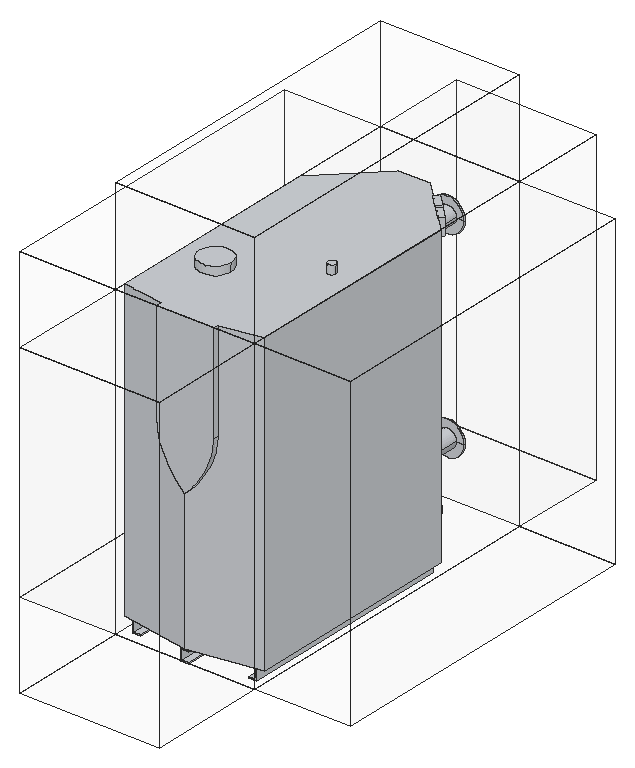
Revit family "Crest Boiler FBN2501-6001", category Mechanical Equipment, Revit 2016
Family settings
  Part Type = Normal
  Round Connector Dimension = Use Radius
  OmniClass Number = 23.65.35.11.17
  OmniClass Title = Thermodynamic Water Heaters
  Work Plane-Based = No
  Always vertical = Yes
  Cut with Voids When Loaded = No
  Shared = No
  Room Calculation Point = No
Parameters (values of type "FBN2501")
  WATER CONN SIZE = Water Conn Radius * 2  # 4"
  G_Boiler Drain Height = 11 1/4"
  F_Water Inlet Height = 13 1/2"
  E_Water Outlet Height = 63 3/4"
  Water Conn Radius = 2"
  VENT SIZE = Vent Radius * 2  # 9"
  SES BIM Studio # = "18 0649 04-1"
  GAS CONN SIZE = Gas Conn Radius * 2  # 2"
  N_Air Inlet Offset = 9 1/4"
  Vent Radius = 4 1/2"
  R_ Vent Offset = 7 1/4"
  Top Clearance = 24"
  Right Clearance = 24"
  Left Clearance = 24"
  Front Clearance = 30"
  Curve Position = 7 1/4"
  Condensate Length from Vent CL = -7 1/2"
  Clearance Visibility [instance] = yes
  Back of Unit to CL of Vent = 4 1/4"
  B_WIDTH = 35"
  Voltage/Heater = "120/1PH"
  Voltage/Control = "24"
  URL = "http://www.lochinvar.com/products/default.aspx?type=productline&lineid=177"
  Total Amps = "10.2"
  Model = MODEL NO.  # "FBN2501"
  Manufacturer = "Lochinvar"
  MODEL NO. = "FBN2501"
  A_HEIGHT = 77 3/4"
  Gas Conn Radius = 1"
  O_Width to Gas = 28 3/4"
  L_Depth to Vent = 76 1/4"
  P_Gas Conn Offset = 32"
  GALLON CAPACITY = "161"
  K_DEPTH = 83 1/4"
  D_Water Outlet Offset = 83 3/4"
  INPUT RATE (BTUH) = "2,500,000"
  FUEL TYPE = "NATURAL GAS"
  Description = "CREST Condensing Boiler"
  Fuel Type = "Natural"
  M_Air Inlet Offset = 19 3/4"
  Air Inlet Radius = 4"
  Back Clearance = 24"
  AIR INLET SIZE = Air Inlet Radius * 2  # 8"
  # of Electrical Connections = "1"
Types (7): name | WATER CONN SIZE | G_Boiler Drain Height | F_Water Inlet Height | E_Water Outlet Height | Water Conn Radius | VENT SIZE | GAS CONN SIZE | N_Air Inlet Offset | Vent Radius | R_ Vent Offset | Curve Position | Condensate Length from Vent CL | Back of Unit to CL of Vent | B_WIDTH | Voltage/Heater | Total Amps | Model | MODEL NO. | Gas Conn Radius | O_Width to Gas | L_Depth to Vent | P_Gas Conn Offset | GALLON CAPACITY | K_DEPTH | D_Water Outlet Offset | INPUT RATE (BTUH) | M_Air Inlet Offset | Air Inlet Radius | AIR INLET SIZE | # of Electrical Connections
  (no name) | 4" | 11 1/4" | 13 1/2" | 63 3/4" | 2" | 9" | 2" | 9 1/4" | 4 1/2" | 7 1/4" | 7 1/4" | -7 1/2" | 4 1/4" | 35" | "120/1PH" | "10.2" | "FBN2501" | "FBN2501" | 1" | 28 3/4" | 76 1/4" | 32" | "161" | 83 1/4" | 83 3/4" | "2,500,000" | 19 3/4" | 4" | 8" | "1"
  FBN2501 | 4" | 11 1/4" | 13 1/2" | 63 3/4" | 2" | 9" | 2" | 9 1/4" | 4 1/2" | 7 1/4" | 7 1/4" | -7 1/2" | 4 1/4" | 35" | "120/1PH" | "10.2" | "FBN2501" | "FBN2501" | 1" | 28 3/4" | 76 1/4" | 32" | "161" | 83 1/4" | 83 3/4" | "2,500,000" | 19 3/4" | 4" | 8" | "1"
  FBN3001 | 4" | 11 1/4" | 13 1/2" | 63 3/4" | 2" | 10" | 2" | 9 1/4" | 5" | 7 1/4" | 7 1/4" | -7 1/2" | 4 3/4" | 35" | "120/1PH" | "13.6" | "FBN3001" | "FBN3001" | 1" | 28 3/4" | 76 1/4" | 32" | "181" | 83 1/4" | 83 3/4" | "3,000,000" | 19 3/4" | 5" | 10" | "1"
  FBN3501 | 4" | 11 1/2" | 13 1/4" | 63 1/2" | 2" | 10" | 2" | 12 3/4" | 5" | 8 3/4" | 9" | -9 1/4" | 5" | 42" | "120/1PH" | "19.7" | "FBN3501" | "FBN3501" | 1" | 35 1/2" | 82" | 31 3/4" | "215" | 91" | 86 3/4" | "3,500,000" | 20 1/4" | 5" | 10" | "1"
  FBN4001 | 4" | 11 1/2" | 13 3/4" | 63 1/2" | 2" | 12" | 2 1/2" | 13 1/2" | 6" | 10 1/2" | 9 7/8" | -9" | 5 1/8" | 45 1/2" | "208/3PH" | "14" | "FBN4001" | "FBN4001" | 1 1/4" | 39 1/2" | 94" | 42 1/4" | "291" | 103" | 99" | "4,000,000" | 24 3/4" | 6" | 12" | "3"
  FBN5001 | 6" | 11 1/2" | 15" | 63 1/2" | 3" | 14" | 2 1/2" | 14" | 7" | 9" | 10 1/8" | -9 1/4" | 6 1/8" | 46 1/2" | "208/3PH" | "12" | "FBN5001" | "FBN5001" | 1 1/4" | 39 3/4" | 92 1/2" | 39 1/2" | "380" | 101 3/4" | 99 1/2" | "5,000,000" | 22" | 6" | 12" | "3"
  FBN6001 | 6" | 11 1/2" | 14 3/4" | 63 1/4" | 3" | 14" | 2 1/2" | 15 3/4" | 7" | 9 1/4" | 11" | -8 7/8" | 5 1/4" | 50" | "208/3PH" | "12" | "FBN6001" | "FBN6001" | 1 1/4" | 43 1/2" | 93 1/4" | 36 1/2" | "380" | 102 1/2" | 99 3/4" | "6,000,000" | 20" | 7" | 14" | "3"
Reference planes (in)
  plane 1 "Center (Front/Back)": y = 11.125
  plane 2: z = 0
  plane 3 "Center (Left/Right)": x = -1.39218
  plane 4 "Back": y = 52.75
  plane 5 "Front": y = -30.5
  plane 6 "Top": z = 77.75
  plane 7 "Right": x = 16.10782
  plane 8 "Left": x = -18.89218
  plane 9 "Top of Supports": z = 3
  plane 10 "Offset from Back to Boiler Back": y = 41.25
  plane 11 "Water Outlet Height": z = 63.75
  plane 12 "Water Inlet Height": z = 13.5
  plane 13 "Offset from Left to Air Inlet": x = -9.64218
  plane 14 "Offset from Front to Air": y = -10.75
  plane 15 "Offset from Left to Gas 1": x = 9.85782
  plane 16 "Offset from Front to Gas 1": y = 1.5
  plane 17 "Right Clearance": x = 40.10782
  plane 18 "Left Clearance": x = -42.89218
  plane 19: z = 101.75
  plane 20 "Front Clearance": y = -60.5
  plane 21 "Back Clearance": y = 76.75
  plane 22: x = -1.39218
  plane 23 "Drain": z = 11.25
  plane 24: y = -28.5
  plane 25 "Water Conn": y = 53.25
  plane 26 "Front of Supports": y = -27.5
  plane 27: x = -16.89218
  plane 28: x = 14.10782
  plane 29 "Front Angle": y = 27.75
  plane 30 "Back Angle 1": x = -5.39218
  plane 31 "Back Angle 2": x = 2.60782
  plane 32 "Vent C.L.": x = -11.64218
  plane 33 "Vent CL": y = 45.75
  plane 34 "Curve End": x = -4.39218
  plane 35 "Curve Ends": y = 45.5
Forms (in)
  Extrusion 1, solid
    sketch origin (-38.1296, -180, 3) x (-1, 0, 0) y (0, -1, 0)
      loop
        line (-19.23742, -149.5) -> (-54.23742, -149.5) -> (-54.23742, -207.75) -> (-40.73742, -221.25) -> (-32.73742, -221.25) -> (-19.23742, -207.75) -> (-19.23742, -149.5)
    from 74.75 to 0
  Extrusion 2, solid
    sketch origin (-38.1296, -196.80397, 3) x (-1, 0, 0) y (0, -1, 0)
      loop
        line (-19.23742, -224.55397) -> (-32.73742, -238.05397) -> (-33.73742, -238.05397) -> (-33.73742, -242.30397)
        arc (-33.73742, -242.30397) -> (-26.48742, -249.55397) -> (-19.23742, -242.30397) r 7.25
        line (-19.23742, -242.30397) -> (-19.23742, -224.55397)
    from 0 to 4
  Extrusion 3, solid
    sketch origin (-38.1296, -196.80397, 7) x (-1, 0, 0) y (0, -1, 0)
      loop
        circle (-26.48742, -242.55397) r 4.5
    from 0 to 2
  Extrusion 4, solid
    sketch origin (0, 45.75, 0) x (1, 0, 0) y (0, 0, 1)
      loop
        circle (-12.32968, 3.53632) r 0.5
      loop
        circle (-12.32968, 6.32419) r 0.25
    from 0 to -7.5 <- "Condensate Length from Vent CL"
  Extrusion 5, solid
    sketch origin (0, 0, 77.75) x (-1, 0, 0) y (0, -1, 0)
      loop
        circle (9.64218, 10.75) r 4
    from 0 to 2
  Extrusion 6, solid
    sketch origin (0, 0, 77.75) x (-1, 0, 0) y (0, -1, 0)
      loop
        circle (-9.85782, -1.5) r 1
    from 0 to 2
  Extrusion 7, solid, material "Clearance", visible <- "Clearance Visibility"
    sketch origin (0, 0, 77.75) x (-1, 0, 0) y (0, -1, 0)
      loop
        line (18.89218, 30.5) -> (18.89218, -52.75) -> (42.89218, -52.75) -> (42.89218, 30.5) -> (18.89218, 30.5)
    from 0 to -77.75
  Extrusion 8, solid, material "Clearance", visible <- "Clearance Visibility"
    sketch origin (0, 0, 77.75) x (-1, 0, 0) y (0, -1, 0)
      loop
        line (-16.10782, 30.5) -> (-40.10782, 30.5) -> (-40.10782, -52.75) -> (-16.10782, -52.75) -> (-16.10782, 30.5)
    from 0 to -77.75
  Extrusion 9, solid, material "Clearance", visible <- "Clearance Visibility"
    sketch origin (0, 0, 77.75) x (-1, 0, 0) y (0, -1, 0)
      loop
        line (18.89218, -52.75) -> (-16.10782, -52.75) -> (-16.10782, -76.75) -> (18.89218, -76.75) -> (18.89218, -52.75)
    from 0 to -77.75
  Extrusion 10, solid, material "Clearance", visible <- "Clearance Visibility"
    sketch origin (0, 0, 77.75) x (-1, 0, 0) y (0, -1, 0)
      loop
        line (18.89218, -52.75) -> (18.89218, 30.5) -> (-16.10782, 30.5) -> (-16.10782, -52.75) -> (18.89218, -52.75)
    from 0 to 24
  Extrusion 11, solid, material "Clearance", visible <- "Clearance Visibility"
    sketch origin (0, 0, 77.75) x (-1, 0, 0) y (0, -1, 0)
      loop
        line (18.89218, 30.5) -> (18.89218, 60.5) -> (-16.10782, 60.5) -> (-16.10782, 30.5) -> (18.89218, 30.5)
    from 0 to -77.75
  Extrusion 12, void
    sketch origin (0, 0, 77.75) x (-1, 0, 0) y (0, -1, 0)
      loop
        line (18.89218, 30.5) -> (1.39218, 30.5) -> (18.89218, 27.5) -> (18.89218, 30.5)
    from 0 to -77.75
  Extrusion 13, void
    sketch origin (-2.78436, 0, 77.75) x (1, 0, 0) y (0, 1, 0)
      loop
        line (18.89218, -30.5) -> (18.89218, -27.5) -> (1.39218, -30.5) -> (18.89218, -30.5)
    from 0 to -77.75
  Extrusion 14, solid
    sketch origin (0, 11.125, 0) x (1, 0, 0) y (0, 0, 1)
      loop
        line (-8.57968, 77.75) -> (-8.57968, 52.75)
        spline (-8.57968, 52.75) -> (-8.51975, 51.41799) -> (-8.34361, 50.09316) -> (-8.05672, 48.77854) -> (-7.66454, 47.47717) -> (-7.17253, 46.19205) -> (-6.58616, 44.92623) -> (-5.91088, 43.68272) -> (-5.15217, 42.46455) -> (-4.31548, 41.27475) -> (-3.40628, 40.11634) -> (-2.43002, 38.99235) -> (-1.39218, 37.9058)
        spline (-1.39218, 37.9058) -> (-0.35434, 38.99235) -> (0.62192, 40.11634) -> (1.53112, 41.27475) -> (2.36781, 42.46455) -> (3.12652, 43.68272) -> (3.8018, 44.92623) -> (4.38817, 46.19205) -> (4.88018, 47.47717) -> (5.27236, 48.77854) -> (5.55925, 50.09316) -> (5.73539, 51.41799) -> (5.79532, 52.75)
        line (5.79532, 52.75) -> (5.79532, 77.75) -> (-1.39218, 77.75) -> (-8.57968, 77.75)
    from 39.625 to 41.625
  Revolve 15, solid
    sketch origin (25.40384, 0, 63.75) x (1, 0, 0) y (0, 1, 0)
      loop
        line (-29.79602, 41.25) -> (-29.79602, 53.25) -> (-32.04602, 53.25) -> (-32.04602, 53) -> (-30.04602, 53) -> (-30.04602, 41.25) -> (-29.79602, 41.25)
      axis (-27.79602, 41.25) -> (-27.79602, 53.25)
    angle from 0 to 360
  Revolve 16, solid
    sketch origin (53.08128, 0, 13.5) x (1, 0, 0) y (0, 1, 0)
      loop
        line (-57.47346, 41.25) -> (-57.47346, 53.25) -> (-59.72346, 53.25) -> (-59.72346, 53) -> (-57.72346, 53) -> (-57.72346, 41.25) -> (-57.47346, 41.25)
      axis (-55.47346, 41.25) -> (-55.47346, 53.25)
    angle from 0 to 360
  Extrusion 17, solid
    sketch origin (0.125, -13.125, 0) x (1, 0, 0) y (0, 0, 1)
      loop
        line (13.98282, 3) -> (11.98282, 3) -> (11.98282, 2.75) -> (13.73282, 2.75) -> (13.73282, 0.25) -> (11.98282, 0.25) -> (11.98282, 0) -> (13.98282, 0) -> (13.98282, 3)
    from 14.375 to -40.875
  Extrusion 18, solid
    sketch origin (-2.90936, -13.125, 0) x (-1, 0, 0) y (0, 0, -1)
      loop
        line (13.98282, -3) -> (13.98282, 0) -> (11.98282, 0) -> (11.98282, -0.25) -> (13.73282, -0.25) -> (13.73282, -2.75) -> (11.98282, -2.75) -> (11.98282, -3) -> (13.98282, -3)
    from 14.375 to -40.875
  Extrusion 19, solid
    sketch origin (11.21564, -13.125, 0) x (-1, 0, 0) y (0, 0, -1)
      loop
        line (13.60782, -3) -> (13.60782, 0) -> (11.60782, 0) -> (11.60782, -0.25) -> (13.35782, -0.25) -> (13.35782, -2.75) -> (11.60782, -2.75) -> (11.60782, -3) -> (13.60782, -3)
    from 17.375 to -54.375
  Extrusion 20, solid
    sketch origin (2.60782, 41.25, 3) x (0.707107, -0.707107, 0) y (0, 0, -1)
      loop
        line (14.07631, -74.75) -> (14.07631, -70.75) -> (10.07631, -70.75) -> (10.07631, -74.75) -> (14.07631, -74.75)
      loop
        line (9.07631, -74.75) -> (9.07631, -70.75) -> (5.07631, -70.75) -> (5.07631, -74.75) -> (9.07631, -74.75)
    from 0 to 1.5
  Extrusion 21, solid
    sketch origin (2.60782, 41.25, 3) x (0.707107, -0.707107, 0) y (0, 0, -1)
      loop
        circle (12.57669, -8.25) r 0.75
    from 0 to 1
Cuts and joins
  Extrusion 12, Extrusion 13 cuts Extrusion 1
  joined: Extrusion 1, Extrusion 14, Revolve 15, Revolve 16
  joined: Extrusion 2, Extrusion 4
Dimensions and locks (in)
  "A_HEIGHT": plane 6 "Top" to level
  equal spacing: plane 8 "Left", plane 3 "Center (Left/Right)", plane 7 "Right"
  "B_WIDTH": plane 8 "Left" to plane 7 "Right"
  equal spacing: plane 5 "Front", plane 1 "Center (Front/Back)", plane 4 "Back"
  Extrusion 1 to Extrusion 4 sketch curve = 6 9/16"  (x2)
  equal spacing: Extrusion 1 sketch curve, plane 3 "Center (Left/Right)", Extrusion 1 sketch curve
  Extrusion 1 sketch curve to Extrusion 1 sketch curve = 8"
  locked: Extrusion 3 to Extrusion 2 at 2
  "E_Water Outlet Height": level to plane 11 "Water Outlet Height"
  "F_Water Inlet Height": level to plane 12 "Water Inlet Height"
  "N_Air Inlet Offset": plane 8 "Left" to plane 13 "Offset from Left to Air Inlet"
  "O_Width to Gas": plane 8 "Left" to plane 15 "Offset from Left to Gas 1"
  "P_Gas Conn Offset": plane 5 "Front" to plane 16 "Offset from Front to Gas 1"
  "M_Air Inlet Offset": plane 5 "Front" to plane 14 "Offset from Front to Air"
  "Top Clearance": plane 6 "Top" to plane 19
  "Front Clearance": plane 20 "Front Clearance" to plane 5 "Front"
  "Left Clearance": plane 18 "Left Clearance" to plane 8 "Left"
  "Right Clearance": plane 7 "Right" to plane 17 "Right Clearance"
  Extrusion 14 sketch curve to plane 3 "Center (Left/Right)" to Extrusion 14 sketch curve = 7 3/16" locked, 7 3/16" locked
  locked: cut or joined group of Extrusion 1, Extrusion 12, Extrusion 13, Extrusion 14, Revolve 15, Revolve 16 to Extrusion 14 sketch curve at 25
  locked: plane 6 "Top" to Extrusion 14 sketch curve at 25
  "K_DEPTH": plane 5 "Front" to plane 4 "Back"
  "Back Clearance": plane 4 "Back" to plane 21 "Back Clearance"
  locked: Revolve 15 sketch curve to Revolve 15 sketch curve at 0.25  (x2)
  "Water Conn Radius": Revolve 15 sketch curve to Revolve 15 sketch curve
  locked: Revolve 15 sketch curve to Revolve 15 sketch curve at 2
  locked: Revolve 16 sketch curve to Revolve 16 sketch curve at 0.25  (x2)
  "Water Conn Radius": Revolve 16 sketch curve to Revolve 16 sketch curve
  locked: Revolve 16 sketch curve to Revolve 16 sketch curve at 2
  locked: plane 5 "Front" to plane 24 at 2
  "D_Water Outlet Offset": plane 5 "Front" to plane 25 "Water Conn"
  locked: plane 5 "Front" to plane 26 "Front of Supports" at 3
  locked: plane 8 "Left" to plane 27 at 2
  locked: plane 28 to plane 7 "Right" at 2
  locked: Extrusion 17 to plane 28 at 2  (x2)
  locked: plane 27 to Extrusion 18 at 2  (x2)
  "G_Boiler Drain Height": plane 2 to plane 23 "Drain"
  "R_ Vent Offset": plane 8 "Left" to plane 32 "Vent C.L."
  "L_Depth to Vent": plane 5 "Front" to plane 33 "Vent CL"
  locked: Extrusion 20 sketch curve to Extrusion 20 sketch curve at 4  (x2)
  locked: Extrusion 20 sketch curve to Extrusion 20 sketch curve at 1
  "Curve Position": plane 35 "Curve Ends" to plane 4 "Back"
  locked: plane 29 "Front Angle" to plane 10 "Offset from Back to Boiler Back" at 13.5
  "Back of Unit to CL of Vent": plane 35 "Curve Ends" to plane 10 "Offset from Back to Boiler Back"
  "Vent Radius": radius of Extrusion 3 sketch curve
  "Air Inlet Radius": radius of Extrusion 5 sketch curve
  "Gas Conn Radius": radius of Extrusion 6 sketch curve
  aligned and locked: Extrusion 1 sketch curve to plane 10 "Offset from Back to Boiler Back"
  aligned and locked: plane 5 "Front" to Extrusion 1
  aligned and locked: plane 6 "Top" to Extrusion 1
  aligned and locked: Extrusion 6 to Extrusion 5
  aligned and locked: Extrusion 7 sketch curve to Extrusion 1  (x2)
  aligned and locked: Extrusion 1 to Extrusion 8 sketch curve
  aligned and locked: Extrusion 8 sketch curve to Extrusion 1
  aligned and locked: Extrusion 9 sketch curve to Extrusion 7  (x2)
  aligned and locked: Extrusion 9 sketch curve to plane 7 "Right"
  aligned and locked: Extrusion 10 sketch curve to Extrusion 9
  aligned and locked: Extrusion 10 sketch curve to Extrusion 7
  aligned and locked: Extrusion 10 sketch curve to Extrusion 1
  aligned and locked: Extrusion 10 sketch curve to Extrusion 8
  aligned and locked: Extrusion 11 sketch curve to Extrusion 1
  aligned and locked: Extrusion 11 sketch curve to Extrusion 7
  aligned and locked: plane 7 "Right" to Extrusion 11 sketch curve
  aligned and locked: plane 13 "Offset from Left to Air Inlet" to Extrusion 5 sketch curve
  aligned and locked: plane 14 "Offset from Front to Air" to Extrusion 5 sketch curve
  aligned and locked: plane 16 "Offset from Front to Gas 1" to Extrusion 6 sketch curve
  aligned and locked: plane 15 "Offset from Left to Gas 1" to Extrusion 6 sketch curve
  aligned and locked: Extrusion 11 to plane 20 "Front Clearance"
  aligned and locked: plane 18 "Left Clearance" to Extrusion 7
  aligned and locked: Extrusion 8 to plane 17 "Right Clearance"
  aligned and locked: plane 21 "Back Clearance" to Extrusion 9
  aligned and locked: plane 8 "Left" to Extrusion 12 sketch curve
  aligned and locked: Extrusion 12 sketch curve to plane 5 "Front"
  aligned and locked: plane 3 "Center (Left/Right)" to Extrusion 12 sketch curve
  aligned and locked: Extrusion 13 sketch curve to plane 7 "Right"
  aligned and locked: plane 5 "Front" to Extrusion 13 sketch curve
  aligned and locked: plane 3 "Center (Left/Right)" to Extrusion 13 sketch curve
  aligned and locked: plane 6 "Top" to Extrusion 14 sketch curve  (x2)
  aligned and locked: plane 3 "Center (Left/Right)" to plane 22
  aligned: plane 5 "Front" to Extrusion 14
  aligned and locked: Extrusion 11 to plane 5 "Front"
  aligned and locked: Extrusion 1 sketch curve to plane 5 "Front"
  aligned and locked: plane 5 "Front" to Extrusion 14
  aligned and locked: Extrusion 14 to plane 24
  aligned and locked: plane 25 "Water Conn" to Revolve 15 sketch curve
  aligned and locked: Extrusion 1 to plane 9 "Top of Supports"
  aligned and locked: plane 5 "Front" to Extrusion 19
  aligned and locked: Extrusion 2 to Extrusion 19
  aligned and locked: plane 26 "Front of Supports" to Extrusion 17
  aligned and locked: plane 26 "Front of Supports" to Extrusion 18
  aligned and locked: plane 27 to Extrusion 18
  aligned and locked: Extrusion 17 to plane 28
  aligned and locked: plane 10 "Offset from Back to Boiler Back" to Revolve 15 sketch curve
  aligned and locked: plane 10 "Offset from Back to Boiler Back" to Revolve 16 sketch curve
  aligned and locked: Extrusion 18 to plane 29 "Front Angle"
  aligned and locked: Extrusion 17 to plane 29 "Front Angle"
  aligned and locked: plane 32 "Vent C.L." to Extrusion 3 sketch curve
  aligned and locked: plane 33 "Vent CL" to Extrusion 3 sketch curve
  aligned and locked: cut or joined group of Extrusion 1, Extrusion 12, Extrusion 13, Extrusion 14, Revolve 15, Revolve 16 to Extrusion 2 sketch curve
  aligned and locked: plane 23 "Drain" to Extrusion 21 sketch curve
  aligned and locked: plane 35 "Curve Ends" to Extrusion 2 sketch curve
  aligned and locked: plane 29 "Front Angle" to Extrusion 1 sketch curve  (x2)
  aligned and locked: plane 10 "Offset from Back to Boiler Back" to Extrusion 19
Automatic sketch dimensions
  plane 4 "Back" to Extrusion 7 sketch curve = 0"
  Extrusion 7 sketch curve to plane 18 "Left Clearance" = 0"
  Extrusion 8 sketch curve to plane 17 "Right Clearance" = 0"
  plane 4 "Back" to Extrusion 8 sketch curve = 0"
  Extrusion 9 sketch curve to plane 21 "Back Clearance" = 0"
  Extrusion 11 sketch curve to plane 20 "Front Clearance" = 0"
  Extrusion 12 sketch curve to plane 24 = 1"
  plane 24 to Extrusion 13 sketch curve = 1"
  Extrusion 14 sketch curve to plane 3 "Center (Left/Right)" = 0"  (x2)
  Extrusion 14 sketch curve to Extrusion 14 sketch curve = 14.8442"
  Extrusion 17 sketch curve to level = 0"
  Extrusion 17 sketch curve to plane 9 "Top of Supports" = 0"
  Extrusion 17 sketch curve to Extrusion 17 sketch curve = 1 3/4"  (x2)
  Extrusion 17 sketch curve to Extrusion 17 sketch curve = 1/4"  (x2)
  level to Extrusion 17 sketch curve = 1/4"
  Extrusion 19 sketch curve to level = 0"
  Extrusion 19 sketch curve to plane 3 "Center (Left/Right)" = 1"  (x2)
  plane 9 "Top of Supports" to Extrusion 19 sketch curve = 0"
  plane 3 "Center (Left/Right)" to Extrusion 19 sketch curve = 3/4"
  Extrusion 19 sketch curve to Extrusion 19 sketch curve = 1/4"  (x2)
  Extrusion 19 sketch curve to level = 1/4"
  plane 28 to Extrusion 17 sketch curve = 0"
  Extrusion 18 sketch curve to level = 0"
  Extrusion 18 sketch curve to plane 9 "Top of Supports" = 0"
  plane 27 to Extrusion 18 sketch curve = 0"
  plane 27 to Extrusion 18 sketch curve = 1/4"
  Extrusion 18 sketch curve to Extrusion 18 sketch curve = 1 3/4"  (x2)
  plane 9 "Top of Supports" to Extrusion 18 sketch curve = 1/4"
  Extrusion 18 sketch curve to Extrusion 18 sketch curve = 1/4"
  Extrusion 2 sketch curve to plane 10 "Offset from Back to Boiler Back" = 0"
  Extrusion 2 sketch curve to plane 8 "Left" = 0"
  Extrusion 2 sketch curve to plane 34 "Curve End" = 0"
  plane 9 "Top of Supports" to Extrusion 4 sketch curve = 0.53632"
  Extrusion 4 sketch curve to Extrusion 4 sketch curve = 2.78787"
  Extrusion 20 sketch curve to Extrusion 1 = 0"  (x2)
  Extrusion 1 to Extrusion 20 sketch curve = 5.01557"
  Extrusion 1 to Extrusion 20 sketch curve = 4"
  Extrusion 20 sketch curve to Extrusion 20 sketch curve = 0"
  Extrusion 1 to Extrusion 21 sketch curve = 6.51519"
  Extrusion 1 sketch curve to plane 7 "Right" = 0"
  Extrusion 1 sketch curve to plane 8 "Left" = 0"
  Revolve 15 sketch curve to plane 34 "Curve End" = 0"
  Revolve 15 sketch curve to plane 25 "Water Conn" = 0.20888"
  Revolve 15 sketch curve to Revolve 15 sketch curve = 0.6131"
  plane 25 "Water Conn" to Revolve 16 sketch curve = 0"
  Revolve 16 sketch curve to plane 34 "Curve End" = 0"
  Revolve 16 sketch curve to plane 25 "Water Conn" = 0.20888"
  Revolve 16 sketch curve to Revolve 16 sketch curve = 0.6131"
  radius of Extrusion 4 sketch curve = 1/2"
  radius of Extrusion 4 sketch curve = 1/4"
  radius of Extrusion 21 sketch curve = 3/4"
Connectors (in)
  hvac at (-9.64218, -10.75, 79.75), driven by "Air Inlet Radius"
    settings: on Extrusion 5, index 1, duct flow 0 CFM, flow factor 0, pres drop 0.00 in-wg, loss coef 0, conn angle 0.00°, conn width 12", conn height 12", conn diameter 8", duct sys type 1, conn prof type 0, flow config 0, flow direction 1, loss method 0, conn ref index -1, conn util no, is conn primary yes, conn desc "Air Inlet"
  hvac at (-11.64218, 45.75, 9), driven by "Vent Radius"
    settings: on Extrusion 3, index 2, duct flow 0 CFM, flow factor 0, pres drop 0.00 in-wg, loss coef 0, conn angle 0.00°, conn width 12", conn height 12", conn diameter 9", duct sys type 3, conn prof type 0, flow config 0, flow direction 2, loss method 0, conn ref index -1, conn util no, is conn primary no, conn desc "Flue"
  piping at (9.85782, 1.5, 79.75), diameter 2, driven by "Gas Conn Radius"
    settings: on Extrusion 6, index 5, connector inside diameter 1 1/2", connector length 0", flow factor 0, pipe flow 0 GPM, pressure drop 0.00 psi, fitting loss kfactor 0, connector angle 0.00°, fixture units 0, engagement length 0", angle of deflection 0.00°, flow configuration 1, flow direction 1, fitting loss method 0, system type 22, joint type 0, gender type 0, connector reference index -1, connector utility 0, adjustable connector no, is connector primary yes, connector description "Gas Conn"
  piping at (-2.39218, 53.25, 63.75), diameter 4, driven by "Water Conn Radius"
    settings: on Revolve 15, index 10, connector inside diameter 4", connector length 0", flow factor 0, pipe flow 0 GPM, pressure drop 0.00 psi, fitting loss kfactor 0, connector angle 0.00°, fixture units 0, engagement length 0", angle of deflection 0.00°, flow configuration 0, flow direction 2, fitting loss method 0, system type 7, joint type 0, gender type 0, connector reference index -1, connector utility 0, adjustable connector no, is connector primary no, connector description "Water Outlet"
  piping at (-2.39218, 53.25, 13.5), diameter 4, driven by "Water Conn Radius"
    settings: on Revolve 16, index 11, connector inside diameter 4", connector length 0", flow factor 0, pipe flow 0 GPM, pressure drop 0.00 psi, fitting loss kfactor 0, connector angle 0.00°, fixture units 0, engagement length 0", angle of deflection 0.00°, flow configuration 0, flow direction 1, fitting loss method 0, system type 8, joint type 0, gender type 0, connector reference index -1, connector utility 0, adjustable connector no, is connector primary no, connector description "Water Inlet"
  piping at (-12.32968, 53.25, 3.53632), diameter 1
    settings: on cut or joined group of Extrusion 2, Extrusion 4, index 12, connector inside diameter 24", connector length 0", flow factor 0, pipe flow 0 GPM, pressure drop 0.00 psi, fitting loss kfactor 0, connector angle 0.00°, fixture units 0, engagement length 0", angle of deflection 0.00°, flow configuration 3, flow direction 2, fitting loss method 0, system type 16, joint type 0, gender type 0, connector reference index -1, connector utility 0, adjustable connector no, is connector primary no, connector description "Condensate Drain"
  piping at (12.20799, 33.06404, 11.25), diameter 1.5
    settings: on Extrusion 21, index 13, connector inside diameter 24", connector length 0", flow factor 0, pipe flow 0 GPM, pressure drop 0.00 psi, fitting loss kfactor 0, connector angle 0.00°, fixture units 0, engagement length 0", angle of deflection 0.00°, flow configuration 0, flow direction 2, fitting loss method 0, system type 16, joint type 0, gender type 0, connector reference index -1, connector utility 0, adjustable connector no, is connector primary no, connector description "Boiler Drain"
  electrical at (12.20772, 33.77142, 75.75)
    settings: on Extrusion 20, index 14, voltage 0 V, apparent load 0 VA, apparent load phase1 0 VA, apparent load phase2 0 VA, apparent load phase3 0 VA, power factor 1, load classification "Other", number of poles 1, system type 31, power factor state 1, is connector primary yes, connector utility no, sub classification motor no, connector description "Line Voltage"
  electrical at (8.67219, 37.30695, 75.75)
    settings: on Extrusion 20, index 15, voltage 0 V, apparent load 0 VA, apparent load phase1 0 VA, apparent load phase2 0 VA, apparent load phase3 0 VA, power factor 1, load classification "Other", number of poles 1, system type 13, power factor state 1, is connector primary no, connector utility no, sub classification motor no, connector description "Low Voltage"
